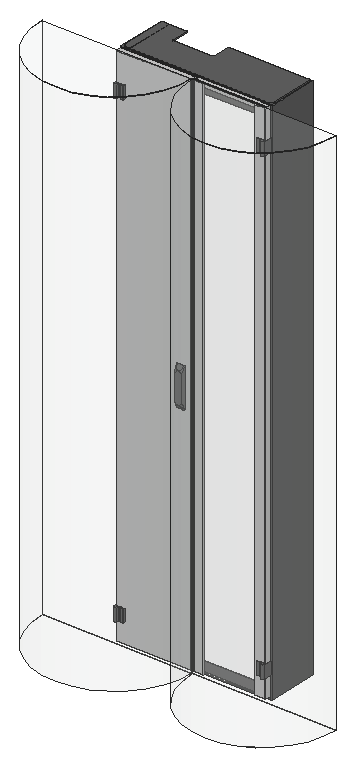
Revit family "Data_Device-Network-Leviton-Distribution_Frame-HDX_F3168-FDR", category Data Devices, host Face, Revit 2024
Family settings
  Host = Face
  Round Connector Dimension = Use Diameter
  Part Type = Normal
  OmniClass Number = 23.85.50.17
  OmniClass Title = Communication and Data Processing Equipment
  Cut with Voids When Loaded = No
  Maintain Annotation Orientation = Yes
  Shared = Yes
  Room Calculation Point = No
Parameters (values of type "F3168-FDR")
  z Door Kit Visible [instance] = Optional Door Kit  # yes
  z Connector Detail Visible [instance] = not(z Door Kit Visible)  # no
  z Collapse [instance] = not(Optional Door Kit)  # no
  Width [instance] = 23.89"  # constant formula
  Weight [instance] = 0.00 lbf
  URL = "http://www.leviton.com/networksolutions"
  UPC Code [instance] = "078477660805"
  Type Comments = ""
  Technical Support Phone Number = "1-800-824-3005"  # constant formula
  Serial Number [instance] = ""
  Provide Feedback = "http://www.leviton.com/BIMfeedback"
  Product Documentation Link = "https://leviton.com/products/f3168-fdr"
  Product Configurator Link = ""
  Port Count [instance] = 0
  Part Number [instance] = "F3168-FDR"  # constant formula
  Part Description = Description  # "HDX Frame Front Door Kit"
  Original Creation Date = "2025"  # constant formula
  Optional Door Kit [instance] = yes
  Model Disclaimer = "https://leviton.com/support/resources/product-support/network-solutions/bim-objects/bim-library"
  Model = "F3168-FDR"  # constant formula
  Manufacturer = "Leviton"  # constant formula
  Height [instance] = 84.1"  # constant formula
  Fiber Type [instance] = ""
  Family Version = "1.0"  # constant formula
  Equipment Type = ""
  Equipment Abbreviation = "HDX"  # constant formula
  Description = "HDX Frame Front Door Kit"  # constant formula
  Depth [instance] = 9.87"  # constant formula
  Default Elevation = 0"
  Date Last Modified = "2025"  # constant formula
  Copyright = "Copyright © 2025 Leviton Manufacturing Co., Inc."  # constant formula
  Check for Latest Version = "https://leviton.com/support/resources/product-support/network-solutions/bim-objects/bim-library"
  Channel Count [instance] = 0
  Assembly Code = "D5030600"
  Annotation Symbol is Visible = yes
Reference planes (in)
  plane 1 "Door Kit Front": y = 6.0725
  plane 2 "Floor": z = 0
  plane 3 "Center (Left/Right)": x = -0.9065
  plane 4: y = -2.95113
  plane 5: x = -12.8515
  plane 6: x = 11.0385
  plane 7: z = 84.1
  plane 8: y = -1.82291
  plane 9: z = 81.93792
Forms (in)
  Extrusion 1, solid, not visible, detail levels fine
    sketch origin (0, 0, 0) x (1, 0, 0) y (0, 1, 0)
      loop
        line (-34.9315, 46.0725) -> (-34.9315, -16.15111) -> (33.4524, -16.15111) -> (33.4524, 46.0725) -> (-34.9315, 46.0725)
    from 0 to -7.88728
  Extrusion 2, solid, material "Steel - Leviton - Powdercoat - Black"
    sketch origin (0, 0, 0) x (1, 0, 0) y (0, 1, 0)
      loop
        line (10.9339, -1.8229) -> (9.53475, -1.8229) -> (9.53475, -1.9275) -> (10.9235, -1.9275)
        arc (10.9235, -1.9275) -> (11.00482, -1.89382) -> (11.0385, -1.8125) r 0.115
        line (11.0385, -1.8125) -> (11.0385, 6.0725) -> (10.9339, 6.0725) -> (10.9339, -1.8229)
      loop
        line (-12.7469, -1.82291) -> (-12.7469, 6.0725) -> (-12.8515, 6.0725) -> (-12.8515, -1.81251)
        arc (-12.8515, -1.81251) -> (-12.81782, -1.89382) -> (-12.7365, -1.92751) r 0.115
        line (-12.7365, -1.92751) -> (-11.3515, -1.92751) -> (-11.3515, -1.82291) -> (-12.7469, -1.82291)
    from 0 to 83.99688
  Extrusion 3, solid, material "Steel - Leviton - Powdercoat - Black"
    sketch origin (0, 0, 84.18) x (-1, 0, 0) y (0, -1, 0)
      loop
        line (-10.3435, -6.0725) -> (1.9565, -6.0725)
        arc (1.9565, -6.0725) -> (2.09792, -6.01392) -> (2.1565, -5.8725) r 0.2
        line (2.1565, -5.8725) -> (2.1565, -3.27271)
        arc (2.1565, -3.27271) -> (2.21508, -3.13129) -> (2.3565, -3.07271) r 0.2
        line (2.3565, -3.07271) -> (8.45613, -3.07241)
        arc (8.45613, -3.07241) -> (8.59778, -3.13116) -> (8.65627, -3.27293) r 0.20014
        line (8.65627, -3.27293) -> (8.65627, -5.8725)
        arc (8.65627, -5.8725) -> (8.71508, -6.01392) -> (8.8565, -6.0725) r 0.2
        line (8.8565, -6.0725) -> (12.15645, -6.0725)
        arc (12.15645, -6.0725) -> (12.50997, -5.92559) -> (12.65641, -5.57207) r 0.49995
        line (12.65641, -5.57207) -> (12.65641, 1.17699)
        arc (12.65641, 1.17699) -> (12.5101, 1.53091) -> (12.15632, 1.67755) r 0.50009
        line (12.15632, 1.67755) -> (-10.3435, 1.67755)
        arc (-10.3435, 1.67755) -> (-10.69705, 1.53091) -> (-10.8435, 1.17735) r 0.5
        line (-10.8435, 1.17735) -> (-10.8435, -5.57232)
        arc (-10.8435, -5.57232) -> (-10.69711, -5.92599) -> (-10.3435, -6.0725) r 0.5
    from -0.08 to -0.18312
  Extrusion 4, solid, material "Plastic - Leviton - Black"
    sketch origin (-1.783, 17.14499, 84.18) x (1, 0, 0) y (0, 1, 0)
      loop
        line (11.36893, -20.07644) -> (11.36893, -20.19455) -> (11.44767, -20.27329) -> (11.82759, -20.27329) -> (11.92011, -20.18077) -> (12.17602, -20.18077) -> (12.28626, -20.291) -> (12.28626, -20.50294)
        arc (12.28626, -20.50294) -> (12.54298, -20.68519) -> (12.75279, -20.45045) r 0.23622
        line (12.75279, -20.45045) -> (12.75279, -19.0725) -> (11.38271, -19.0725) -> (11.38271, -19.11187)
        arc (11.38271, -19.11187) -> (11.42884, -19.22323) -> (11.54019, -19.26935) r 0.15748
        line (11.54019, -19.26935) -> (12.62878, -19.26935) -> (12.62878, -19.95144)
        arc (12.62878, -19.95144) -> (12.59216, -20.03983) -> (12.50378, -20.07644) r 0.125
        line (12.50378, -20.07644) -> (11.36893, -20.07644)
      loop
        line (-9.61515, -20.09612) -> (-10.75, -20.09612)
        arc (-10.75, -20.09612) -> (-10.83838, -20.05951) -> (-10.875, -19.97112) r 0.125
        line (-10.875, -19.97112) -> (-10.875, -19.26935) -> (-9.78641, -19.26935)
        arc (-9.78641, -19.26935) -> (-9.67506, -19.22323) -> (-9.62893, -19.11187) r 0.15748
        line (-9.62893, -19.11187) -> (-9.62893, -19.0725) -> (-10.99901, -19.0725) -> (-10.99901, -20.45045)
        arc (-10.99901, -20.45045) -> (-10.7892, -20.68519) -> (-10.53248, -20.50294) r 0.23622
        line (-10.53248, -20.50294) -> (-10.53248, -20.31069) -> (-10.42224, -20.20045) -> (-10.16633, -20.20045) -> (-10.07382, -20.29297) -> (-9.69389, -20.29297) -> (-9.61515, -20.21423) -> (-9.61515, -20.09612)
    from -4.69181 to -6.65638
  Extrusion 5, solid, material "Plastic - Leviton - Black"
    sketch origin (-1.783, 17.14499, 84.18) x (1, 0, 0) y (0, 1, 0)
      loop
        line (11.36893, -20.07644) -> (11.36893, -20.19455) -> (11.44767, -20.27329) -> (11.82759, -20.27329) -> (11.92011, -20.18077) -> (12.17602, -20.18077) -> (12.28626, -20.291) -> (12.28626, -20.50294)
        arc (12.28626, -20.50294) -> (12.54298, -20.68519) -> (12.75279, -20.45045) r 0.23622
        line (12.75279, -20.45045) -> (12.75279, -19.0725) -> (11.38271, -19.0725) -> (11.38271, -19.11187)
        arc (11.38271, -19.11187) -> (11.42884, -19.22323) -> (11.54019, -19.26935) r 0.15748
        line (11.54019, -19.26935) -> (12.62878, -19.26935) -> (12.62878, -19.95144)
        arc (12.62878, -19.95144) -> (12.59216, -20.03983) -> (12.50378, -20.07644) r 0.125
        line (12.50378, -20.07644) -> (11.36893, -20.07644)
      loop
        line (-9.61515, -20.09612) -> (-10.75, -20.09612)
        arc (-10.75, -20.09612) -> (-10.83838, -20.05951) -> (-10.875, -19.97112) r 0.125
        line (-10.875, -19.97112) -> (-10.875, -19.26935) -> (-9.78641, -19.26935)
        arc (-9.78641, -19.26935) -> (-9.67506, -19.22323) -> (-9.62893, -19.11187) r 0.15748
        line (-9.62893, -19.11187) -> (-9.62893, -19.0725) -> (-10.99901, -19.0725) -> (-10.99901, -20.45045)
        arc (-10.99901, -20.45045) -> (-10.7892, -20.68519) -> (-10.53248, -20.50294) r 0.23622
        line (-10.53248, -20.50294) -> (-10.53248, -20.31069) -> (-10.42224, -20.20045) -> (-10.16633, -20.20045) -> (-10.07382, -20.29297) -> (-9.69389, -20.29297) -> (-9.61515, -20.21423) -> (-9.61515, -20.09612)
    from -78.67606 to -80.64063
  Extrusion 6, solid, material "Steel - Leviton - Powdercoat - Grey"
    sketch origin (-1.813, 17.14499, 84.18) x (1, 0, 0) y (0, 1, 0)
      loop
        line (1.055, -19.29612) -> (-10.845, -19.29612) -> (-10.845, -19.97112)
        arc (-10.845, -19.97112) -> (-10.80838, -20.05951) -> (-10.72, -20.09612) r 0.125
        line (-10.72, -20.09612) -> (0.93, -20.09612)
        arc (0.93, -20.09612) -> (1.01839, -20.05951) -> (1.055, -19.97112) r 0.125
        line (1.055, -19.97112) -> (1.055, -19.29612)
    from -83.69575 to -0.18394
  Blend 7, solid, material "Plastic - Leviton - Black"
    base sketch origin (-1.783, -7.95112, 0) x (0, 0, 1) y (-1, 0, 0)
      loop
        line (36.94518, 0.01133) -> (43.08663, 0.01133)
        arc (43.08663, 0.01133) -> (43.14231, 0.03439) -> (43.16538, 0.09008) r 0.07875
        line (43.16538, 0.09008) -> (43.16538, 1.34993)
        arc (43.16538, 1.34993) -> (43.14232, 1.4056) -> (43.08665, 1.42866) r 0.07872
        line (43.08665, 1.42866) -> (36.94493, 1.42866)
        arc (36.94493, 1.42866) -> (36.88924, 1.40559) -> (36.86618, 1.34991) r 0.07875
        line (36.86618, 1.34991) -> (36.86618, 0.09033)
        arc (36.86618, 0.09033) -> (36.88931, 0.03447) -> (36.94518, 0.01133) r 0.079
    top sketch origin (-1.783, -7.95112, 0) x (0, 0, 1) y (-1, 0, 0)
      loop
        arc (37.9685, 1.23181) -> (37.71072, 1.16215) -> (37.52311, 0.97213) r 0.51181
        arc (37.52311, 0.97213) -> (37.45669, 0.72) -> (37.52311, 0.46786) r 0.51181
        arc (37.52311, 0.46786) -> (37.71072, 0.27784) -> (37.9685, 0.20818) r 0.51181
        line (37.9685, 0.20818) -> (41.98425, 0.20818)
        arc (41.98425, 0.20818) -> (42.24204, 0.27784) -> (42.42965, 0.46786) r 0.51181
        arc (42.42965, 0.46786) -> (42.49606, 0.72) -> (42.42965, 0.97213) r 0.51181
        arc (42.42965, 0.97213) -> (42.24204, 1.16215) -> (41.98425, 1.23181) r 0.51181
        line (41.98425, 1.23181) -> (37.9685, 1.23181)
    from -4.99999 to -4.53543
  Extrusion 8, solid, material "Steel - Leviton - Powdercoat - Grey"
    sketch origin (0, 0, 84.18) x (-1, 0, 0) y (0, -1, 0)
      loop
        line (1.29004, 2.08144) -> (0.66319, 2.08144)
        arc (0.66319, 2.08144) -> (0.62212, 2.09804) -> (0.60504, 2.13892) r 0.05748
        line (0.60504, 2.13892) -> (0.60504, 2.80877)
        arc (0.60504, 2.80877) -> (0.56924, 2.8955) -> (0.48256, 2.93144) r 0.12248
        line (0.48256, 2.93144) -> (-1.01744, 2.93144) -> (-1.01744, 2.86644) -> (0.48256, 2.86644)
        arc (0.48256, 2.86644) -> (0.52321, 2.8496) -> (0.54007, 2.80896) r 0.05748
        line (0.54007, 2.80896) -> (0.54007, 2.13882)
        arc (0.54007, 2.13882) -> (0.57618, 2.05199) -> (0.66321, 2.01638) r 0.12244
        line (0.66321, 2.01638) -> (1.29004, 2.01638) -> (1.29004, 2.08144)
      loop
        line (-10.69496, 2.86644) -> (-9.21744, 2.86644) -> (-9.21744, 2.93144) -> (-10.69496, 2.93144)
        arc (-10.69496, 2.93144) -> (-10.7816, 2.89553) -> (-10.81744, 2.80885) r 0.12248
        line (-10.81744, 2.80885) -> (-10.81744, 2.12436) -> (-10.75244, 2.12436) -> (-10.75244, 2.80896)
        arc (-10.75244, 2.80896) -> (-10.7356, 2.8496) -> (-10.69496, 2.86644) r 0.05748
    from -0.18394 to -83.69575
  Extrusion 9, solid, material "Plastic - Leviton - Clear"
    sketch origin (0, 0, 84.18) x (-1, 0, 0) y (0, -1, 0)
      loop
        line (0.48256, 2.61644) -> (0.48256, 2.86644) -> (-10.71744, 2.86644) -> (-10.71744, 2.61644) -> (0.48256, 2.61644)
    from -0.18394 to -83.69575
  Extrusion 10, solid, material "Steel - Leviton - Powdercoat - Black"
    sketch origin (0, 20.09612, 0) x (0, 0, 1) y (1, 0, 0)
      loop
        line (83.89228, 9.7885) -> (83.99688, 9.7885) -> (83.99688, 10.9339) -> (83.89228, 10.9339) -> (83.89228, 9.7885)
      loop
        line (83.89228, -11.6015) -> (83.89228, -12.7469) -> (83.99688, -12.7469) -> (83.99688, -11.6015) -> (83.89228, -11.6015)
    from -21.91903 to -14.02362
  Extrusion 11, solid, material "Steel - Leviton - Powdercoat - Black"
    sketch origin (0, 20.09612, 0) x (0, 0, 1) y (1, 0, 0)
      loop
        line (83.83688, 10.81744) -> (82.23688, 10.81744) -> (82.23688, 9.4685) -> (81.9348, 9.4685) -> (81.9348, -0.0315) -> (82.23688, -0.0315) -> (82.23688, -1.7815) -> (81.9348, -1.7815) -> (81.9348, -11.2815) -> (82.23688, -11.2815) -> (82.23688, -12.6315) -> (83.83688, -12.6315) -> (83.83688, 10.81744)
      loop
        line (1.67188, -12.6315) -> (1.67188, 10.81744) -> (0.22188, 10.81744) -> (0.22188, -12.6315) -> (1.67188, -12.6315)
    from -21.91903 to -21.81403
  Extrusion 12, solid, material "Steel - Leviton - Powdercoat - Grey"
    sketch origin (-0.9065, 0, 0) x (0, 1, 0) y (0, 0, 1)
      loop
        line (-2.61644, 83.99606) -> (-2.61644, 83.89106) -> (-2.12138, 83.89106) -> (-2.12138, 82.99606) -> (-2.01638, 82.99606) -> (-2.01638, 83.99606) -> (-2.61644, 83.99606)
    from 0.36643 to 11.65894
  Extrusion 13, solid, material "Clearance Areas - Leviton"
    sketch origin (0, 0, 84.18) x (-1, 0, 0) y (0, -1, 0)
      loop
        arc (24.33359, 2.95113) -> (12.54579, 15.09858) -> (0.758, 2.95113) r 11.79312
        line (0.758, 2.95113) -> (24.33359, 2.95113)
      loop
        arc (0.60504, 2.95113) -> (-10.73357, 14.64961) -> (-22.07219, 2.95113) r 11.34415
        line (-22.07219, 2.95113) -> (0.60504, 2.95113)
    from -0.08 to -84.18
Cuts and joins
  joined: Extrusion 2, Extrusion 10
Lines and regions (in)
  Masking region 1, visible <- "z Door Kit Visible"
    outline origin (11.0685, 0, 0) x (0, 0, 1) y (0, -1, 0)
      loop
        line (0, -5.49195) -> (0, -6.0725) -> (84.1, -6.0725) -> (84.1, -5.49195) -> (0, -5.49195)
  symbolic lines, style "Clearance Areas"
    curve 1: line (-0.9065, -2.95113, 84.1) -> (-0.9065, -15.09858, 84.1)
    curve 2: line (-0.9065, -2.95113, 0) -> (-0.9065, -2.95113, 84.1)
    curve 3: line (-0.9065, -15.09858, 0) -> (-0.9065, -2.95113, 0)
    curve 4: line (-0.9065, -15.09858, 84.1) -> (-0.9065, -15.09858, 0)
    curve 5: line (-0.758, -2.95113, 84.18) -> (-24.33359, -2.95113, 84.18)
    curve 6: arc (-24.33359, -2.95113, 84.18) -> (-12.54579, -15.09858, 84.18) -> (-0.758, -2.95113, 84.18) r 11.79312
    curve 7: line (22.07219, -2.95113, 84.18) -> (-0.60504, -2.95113, 84.18)
    curve 8: arc (-0.60504, -2.95113, 84.18) -> (10.73357, -14.64961, 84.18) -> (22.07219, -2.95113, 84.18) r 11.34415
Dimensions and locks (in)
  equal spacing: plane 5, plane 3 "Center (Left/Right)", plane 6
  "Width": plane 5 to plane 6
  "Height": level to plane 7
  locked: plane 4 to plane 1 "Door Kit Front" at 9.02363
  locked: plane 8 to plane 4 at 1.12822
  aligned and locked: Extrusion 1 to plane 2 "Floor"
  aligned and locked: Extrusion 1 to level
Automatic sketch dimensions
  Extrusion 1 sketch curve to Extrusion 1 sketch curve = 68.3839"
  Extrusion 1 sketch curve to Extrusion 1 sketch curve = 62.22361"
  Masking region 1 sketch curve to level = 0"
  Masking region 1 sketch curve to plane 1 "Door Kit Front" = 0"
  plane 7 to Masking region 1 sketch curve = 0"
  plane 1 "Door Kit Front" to Masking region 1 sketch curve = 0.58055"
  Extrusion 2 sketch curve to plane 5 = 0"
  plane 1 "Door Kit Front" to Extrusion 2 sketch curve = 0"  (x2)
  Extrusion 2 sketch curve to plane 8 = 0"
  Extrusion 2 sketch curve to plane 6 = 0"
  plane 5 to Extrusion 2 sketch curve = 0.1046"
  Extrusion 2 sketch curve to Extrusion 2 sketch curve = 0.0104"  (x2)
  Extrusion 2 sketch curve to plane 8 = 0.1046"
  Extrusion 2 sketch curve to Extrusion 2 sketch curve = 1.385"
  plane 8 to Extrusion 2 sketch curve = 0"
  Extrusion 2 sketch curve to plane 6 = 1.50375"
  plane 8 to Extrusion 2 sketch curve = 0.0104"
  Extrusion 2 sketch curve to plane 6 = 0.115"
  plane 1 "Door Kit Front" to Extrusion 3 sketch curve = 0"  (x2)
  Extrusion 3 sketch curve to plane 6 = 0.195"
  Extrusion 3 sketch curve to Extrusion 3 sketch curve = 0.5"  (x3)
  plane 1 "Door Kit Front" to Extrusion 3 sketch curve = 0.2"
  Extrusion 3 sketch curve to plane 3 "Center (Left/Right)" = 1.05"
  Extrusion 3 sketch curve to plane 3 "Center (Left/Right)" = 1.25"
  Extrusion 3 sketch curve to Extrusion 3 sketch curve = 0.2"  (x2)
  plane 1 "Door Kit Front" to Extrusion 3 sketch curve = 2.79994"
  plane 5 to Extrusion 3 sketch curve = 4.39537"
  Extrusion 3 sketch curve to Extrusion 3 sketch curve = 0.20014"
  Extrusion 3 sketch curve to Extrusion 3 sketch curve = 0.20023"
  plane 5 to Extrusion 3 sketch curve = 0.69518"
  plane 5 to Extrusion 3 sketch curve = 0.69505"
  plane 5 to Extrusion 3 sketch curve = 0.19509"
  Extrusion 3 sketch curve to Extrusion 3 sketch curve = 0.00017"
  Extrusion 3 sketch curve to Extrusion 3 sketch curve = 0.50043"
  Extrusion 3 sketch curve to Extrusion 3 sketch curve = 0.00037"
  Extrusion 3 sketch curve to Extrusion 3 sketch curve = 0.2003"
  plane 8 to Extrusion 3 sketch curve = 0.64592"
  plane 8 to Extrusion 3 sketch curve = 0.64555"
  Extrusion 3 sketch curve to Extrusion 3 sketch curve = 0.00048"
  Extrusion 3 sketch curve to Extrusion 3 sketch curve = 0"  (x9)
  Extrusion 3 sketch curve to Extrusion 3 sketch curve = 0.00023"
  Extrusion 4 sketch curve to plane 4 = 0"
  plane 5 to Extrusion 4 sketch curve = 0.06949"
  plane 5 to Extrusion 4 sketch curve = 0.1935"
  Extrusion 4 sketch curve to Extrusion 4 sketch curve = 0.23622"
  Extrusion 4 sketch curve to Extrusion 4 sketch curve = 0.125"  (x2)
  Extrusion 4 sketch curve to plane 4 = 0.21457"
  Extrusion 4 sketch curve to Extrusion 4 sketch curve = 0.23031"  (x2)
  Extrusion 4 sketch curve to plane 4 = 0.10433"
  Extrusion 4 sketch curve to Extrusion 4 sketch curve = 0.11024"  (x3)
  Extrusion 4 sketch curve to Extrusion 4 sketch curve = 0.25591"  (x2)
  Extrusion 4 sketch curve to plane 4 = 0.19685"
  Extrusion 4 sketch curve to Extrusion 4 sketch curve = 0.09252"  (x2)
  Extrusion 4 sketch curve to plane 8 = 0.30145"
  Extrusion 4 sketch curve to Extrusion 4 sketch curve = 0.37992"  (x3)
  Extrusion 4 sketch curve to Extrusion 4 sketch curve = 0.15748"  (x2)
  Extrusion 4 sketch curve to Extrusion 4 sketch curve = 0.07874"  (x3)
  Extrusion 4 sketch curve to plane 4 = 0.09843"
  Extrusion 4 sketch curve to plane 6 = 1.45257"
  Extrusion 4 sketch curve to plane 8 = 0.1046"  (x2)
  Extrusion 4 sketch curve to Extrusion 4 sketch curve = 0.01378"
  Extrusion 4 sketch curve to plane 4 = 0.17717"
  Extrusion 4 sketch curve to plane 4 = 0.08465"
  plane 4 to Extrusion 4 sketch curve = 0.01968"
  Extrusion 4 sketch curve to Extrusion 4 sketch curve = 0.21752"
  Extrusion 4 sketch curve to plane 6 = 0.06871"
  Extrusion 4 sketch curve to plane 4 = 0.35433"
  Extrusion 4 sketch curve to Extrusion 4 sketch curve = 0.13976"
  Extrusion 4 sketch curve to Extrusion 4 sketch curve = 0.19225"
  Extrusion 4 sketch curve to Extrusion 4 sketch curve = 0.05249"
  Extrusion 4 sketch curve to Extrusion 4 sketch curve = 0.19685"
  Extrusion 4 sketch curve to plane 8 = 0.14397"  (x2)
  Extrusion 4 sketch curve to Extrusion 4 sketch curve = 0"  (x4)
  Extrusion 5 sketch curve to plane 4 = 0"
  plane 5 to Extrusion 5 sketch curve = 0.06949"
  plane 5 to Extrusion 5 sketch curve = 0.1935"
  Extrusion 5 sketch curve to Extrusion 5 sketch curve = 0.23622"
  Extrusion 5 sketch curve to Extrusion 5 sketch curve = 0.125"  (x2)
  Extrusion 5 sketch curve to plane 4 = 0.21457"
  Extrusion 5 sketch curve to Extrusion 5 sketch curve = 0.23031"  (x2)
  Extrusion 5 sketch curve to plane 4 = 0.10433"
  Extrusion 5 sketch curve to Extrusion 5 sketch curve = 0.11024"  (x3)
  Extrusion 5 sketch curve to Extrusion 5 sketch curve = 0.25591"  (x2)
  Extrusion 5 sketch curve to plane 4 = 0.19685"
  Extrusion 5 sketch curve to Extrusion 5 sketch curve = 0.09252"  (x2)
  Extrusion 5 sketch curve to plane 8 = 0.30145"
  Extrusion 5 sketch curve to Extrusion 5 sketch curve = 0.37992"  (x3)
  Extrusion 5 sketch curve to Extrusion 5 sketch curve = 0.15748"  (x2)
  Extrusion 5 sketch curve to Extrusion 5 sketch curve = 0.07874"  (x3)
  Extrusion 5 sketch curve to plane 4 = 0.09843"
  Extrusion 5 sketch curve to plane 6 = 1.45257"
  Extrusion 5 sketch curve to plane 8 = 0.1046"  (x2)
  Extrusion 5 sketch curve to Extrusion 5 sketch curve = 0.01378"
  Extrusion 5 sketch curve to plane 4 = 0.17717"
  Extrusion 5 sketch curve to plane 4 = 0.08465"
  plane 4 to Extrusion 5 sketch curve = 0.01968"
  Extrusion 5 sketch curve to Extrusion 5 sketch curve = 0.21752"
  Extrusion 5 sketch curve to plane 6 = 0.06871"
  Extrusion 5 sketch curve to plane 4 = 0.35433"
  Extrusion 5 sketch curve to Extrusion 5 sketch curve = 0.13976"
  Extrusion 5 sketch curve to Extrusion 5 sketch curve = 0.19225"
  Extrusion 5 sketch curve to Extrusion 5 sketch curve = 0.05249"
  Extrusion 5 sketch curve to Extrusion 5 sketch curve = 0.19685"
  Extrusion 5 sketch curve to plane 8 = 0.14397"  (x2)
  Extrusion 5 sketch curve to Extrusion 5 sketch curve = 0"  (x4)
  Extrusion 6 sketch curve to plane 4 = 0"
  plane 5 to Extrusion 6 sketch curve = 0.1935"
  Extrusion 6 sketch curve to Extrusion 6 sketch curve = 0.125"
  plane 3 "Center (Left/Right)" to Extrusion 6 sketch curve = 0.0235"
  plane 4 to Extrusion 6 sketch curve = 0.125"
  Extrusion 6 sketch curve to plane 8 = 0.32822"
  Blend 7 sketch curve to plane 3 "Center (Left/Right)" = 0.96683"
  level to Blend 7 sketch curve = 36.86618"
  Blend 7 sketch curve to Blend 7 sketch curve = 0.07875"
  Blend 7 sketch curve to Blend 7 sketch curve = 0.079"
  Blend 7 sketch curve to Blend 7 sketch curve = 6.14145"
  Blend 7 sketch curve to Blend 7 sketch curve = 0.00003"
  Blend 7 sketch curve to Blend 7 sketch curve = 0.07872"
  Blend 7 sketch curve to Blend 7 sketch curve = 1.25958"
  Blend 7 sketch curve to Blend 7 sketch curve = 0"  (x14)
  Blend 7 sketch curve to plane 3 "Center (Left/Right)" = 1.5965"
  level to Blend 7 sketch curve = 37.9685"
  Blend 7 sketch curve to Blend 7 sketch curve = 4.01575"
  Blend 7 sketch curve to Blend 7 sketch curve = 0.51181"
  Blend 7 sketch curve to Blend 7 sketch curve = 0.4454"  (x2)
  Extrusion 8 sketch curve to Extrusion 8 sketch curve = 0"  (x12)
  Extrusion 8 sketch curve to plane 6 = 0.22106"
  Extrusion 8 sketch curve to Extrusion 8 sketch curve = 0.065"  (x2)
  Extrusion 8 sketch curve to Extrusion 8 sketch curve = 0.05748"  (x2)
  plane 4 to Extrusion 8 sketch curve = 0.08469"
  Extrusion 8 sketch curve to Extrusion 8 sketch curve = 1.47752"
  plane 4 to Extrusion 8 sketch curve = 0.01968"  (x2)
  plane 3 "Center (Left/Right)" to Extrusion 8 sketch curve = 1.92394"
  plane 4 to Extrusion 8 sketch curve = 0.14217"
  plane 3 "Center (Left/Right)" to Extrusion 8 sketch curve = 0.42394"
  plane 3 "Center (Left/Right)" to Extrusion 8 sketch curve = 0.36643"
  Extrusion 8 sketch curve to Extrusion 8 sketch curve = 0.06498"
  Extrusion 8 sketch curve to Extrusion 8 sketch curve = 0.05746"
  Extrusion 8 sketch curve to Extrusion 8 sketch curve = 0.00002"  (x3)
  Extrusion 8 sketch curve to Extrusion 8 sketch curve = 0.00068"
  Extrusion 8 sketch curve to plane 3 "Center (Left/Right)" = 0.38354"
  Extrusion 8 sketch curve to Extrusion 8 sketch curve = 0.05759"
  Extrusion 8 sketch curve to Extrusion 8 sketch curve = 0.00019"
  Extrusion 8 sketch curve to plane 8 = 0.31601"
  Extrusion 8 sketch curve to Extrusion 8 sketch curve = 0.0001"
  Extrusion 8 sketch curve to plane 8 = 0.30145"
  Extrusion 8 sketch curve to Extrusion 8 sketch curve = 0.06506"
  Extrusion 9 sketch curve to plane 6 = 0.32106"
  plane 4 to Extrusion 9 sketch curve = 0.08469"
  plane 3 "Center (Left/Right)" to Extrusion 9 sketch curve = 0.42394"
  Extrusion 9 sketch curve to Extrusion 9 sketch curve = 0.25"
  plane 7 to Extrusion 10 sketch curve = 0.20772"  (x2)
  plane 7 to Extrusion 10 sketch curve = 0.10312"  (x2)
  plane 5 to Extrusion 10 sketch curve = 0.1046"
  Extrusion 10 sketch curve to Extrusion 10 sketch curve = 1.1454"
  Extrusion 10 sketch curve to plane 6 = 1.25"
  Extrusion 10 sketch curve to plane 6 = 0.1046"
  level to Extrusion 11 sketch curve = 0.22188"
  Extrusion 11 sketch curve to plane 6 = 0.22106"  (x2)
  Extrusion 11 sketch curve to Extrusion 11 sketch curve = 1.45"
  plane 9 to Extrusion 11 sketch curve = 0.00312"  (x2)
  Extrusion 11 sketch curve to plane 9 = 0.29896"  (x3)
  plane 7 to Extrusion 11 sketch curve = 0.26312"
  Extrusion 11 sketch curve to Extrusion 11 sketch curve = 1.34894"
  plane 3 "Center (Left/Right)" to Extrusion 11 sketch curve = 0.875"
  Extrusion 11 sketch curve to plane 3 "Center (Left/Right)" = 0.875"
  plane 5 to Extrusion 11 sketch curve = 1.57"
  plane 5 to Extrusion 11 sketch curve = 0.22"  (x2)
  plane 7 to Extrusion 12 sketch curve = 0.10394"
  plane 4 to Extrusion 12 sketch curve = 0.33469"
  Extrusion 12 sketch curve to plane 8 = 0.29847"
  Extrusion 12 sketch curve to Extrusion 12 sketch curve = 0.105"  (x2)
  Extrusion 12 sketch curve to Extrusion 12 sketch curve = 0.895"
  Extrusion 13 sketch curve to plane 6 = 0.30493"
  plane 3 "Center (Left/Right)" to Extrusion 13 sketch curve = 0.1485"
  Extrusion 13 sketch curve to plane 4 = 0"  (x2)
  plane 5 to Extrusion 13 sketch curve = 0.30571"
  Extrusion 13 sketch curve to plane 4 = 0.35433"  (x2)
  plane 6 to Extrusion 13 sketch curve = 11.03369"
  curve 1 to plane 7 = 0"
  curve 3 to level = 0"
  curve 3 to plane 4 = 0"
  curve 4 to plane 4 = 12.14745"
  curve 6 to plane 4 = 0"
  plane 3 "Center (Left/Right)" to curve 5 = 0.1485"
  plane 5 to curve 6 = 0.30571"
  curve 6 to plane 4 = 0.35433"
  plane 4 to curve 7 = 0"
  curve 7 to curve 6 = 0.15295"
  curve 8 to plane 6 = 0.30493"
  curve 8 to plane 4 = 0.35433"
